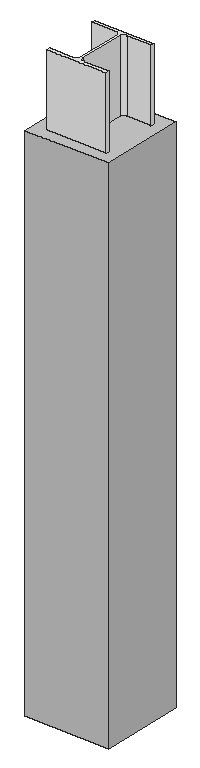
Revit family "SRC-H-와이드 플랜지 복합 단면-기둥", category 구조 기둥, Revit 2026
Family settings
  숨겨진 뷰로 표시 = 다른 부재에 가려진 모서리
  단면 모양 = 정의되지 않음
  모델 동작 재료 = 콘크리트
  항상 형상으로 내보내기 = 아니오
  평면의 보 전환 = 경계 상자에서
  로드될 때 보이드를 사용하여 절단 = 아니오
  기호 표현 = 프로젝트 설정에서
  공유 = 아니오
  평면도에서 미리 절단된 패밀리 표시 = 예
Parameters (values of type "SRC250x250x9")
  Structural Material [instance] = 콘크리트 - 현장타설 콘크리트
  hc [instance] = 350 mm
  bc [instance] = 350 mm
  콘크리트 상단 간격띄우기 [instance] = 300 mm
  콘크리트 회전 [instance] = 0.00°
  기둥 재료 [instance] = 금속 - 스틸 - 345 MPa
  Assembly Code = ""
  A = 0.009 m²
  W = 0.71
  bf = 250 mm
  d = 250 mm
  k = 30 mm
  kr = k - tf  # 16 mm
  tf = 14 mm
  tw = 9 mm
Reference planes
  plane 1 "중심(앞/뒤)": y = 0
  plane 2: z = 0
  plane 3 "중심(왼쪽/오른쪽)": x = 0
  plane 4: x = -125
  plane 5: x = 125
  plane 6: y = 125
  plane 7: y = -125
  plane 8: x = -3.969
  plane 9: x = 3.969
  plane 10: z = 2200
Forms (mm)
  Extrusion 1, solid, material "금속 - 스틸 - 345 MPa" <- "기둥 재료", detail levels medium
    sketch origin (0, 0, 0) x (1, 0, 0) y (0, 1, 0)
      loop
        line (-125, 125) -> (-125, 111) -> (-4.5, 111) -> (-4.5, -111) -> (-125, -111) -> (-125, -125) -> (125, -125) -> (125, -111) -> (4.5, -111) -> (4.5, 111) -> (125, 111) -> (125, 125) -> (-125, 125)
    from 0 to 2500
  Extrusion 2, solid, material "금속 - 스틸 - 345 MPa" <- "기둥 재료", detail levels fine
    sketch origin (0, 0, 0) x (1, 0, 0) y (0, 1, 0)
      loop
        line (-125, 125) -> (-125, 111) -> (-20.5, 111)
        arc (-20.5, 111) -> (-9.186, 106.314) -> (-4.5, 95) r 16
        line (-4.5, 95) -> (-4.5, -95)
        arc (-4.5, -95) -> (-9.186, -106.314) -> (-20.5, -111) r 16
        line (-20.5, -111) -> (-125, -111) -> (-125, -125) -> (125, -125) -> (125, -111) -> (20.5, -111)
        arc (20.5, -111) -> (9.186, -106.314) -> (4.5, -95) r 16
        line (4.5, -95) -> (4.5, 95)
        arc (4.5, 95) -> (9.186, 106.314) -> (20.5, 111) r 16
        line (20.5, 111) -> (125, 111) -> (125, 125) -> (-125, 125)
    from 0 to 2500
  Sweep 3, solid, material "콘크리트 - 현장타설 콘크리트" <- "Structural Material", detail levels medium+fine
    path origin (0, 0, 0) x (1, 0, 0) y (0, 0, 1)
      loop
        line (0, 0) -> (0, 2200)
    profile "M_직사각형 보-프로파일 : M_직사각형 보-프로파일" origin (0, 0, 1100) x (-1, 0, 0) y (0, -1, 0)
      loop
        line (-175, -175) -> (175, -175) -> (175, 175) -> (-175, 175) -> (-175, -175)
Lines and regions (mm)
  symbolic lines, style "StructuralColumnStickSymbols", detail levels coarse
    curve 1: line (-125, 125, 0) -> (125, 125, 0)
    curve 2: line (-125, -125, 0) -> (125, -125, 0)
    curve 3: line (0, 125, 0) -> (0, -125, 0)
    curve 6: line (-175, 175, 0) -> (175, 175, 0)
    curve 7: line (-175, -175, 0) -> (-175, 175, 0)
    curve 8: line (175, -175, 0) -> (-175, -175, 0)
    curve 9: line (175, 175, 0) -> (175, -175, 0)
  symbolic lines, style "숨겨진 면", detail levels medium+fine
    curve 4: line (-3.969, 0, 0) -> (-3.969, 0, 2500)
    curve 5: line (3.969, 0, 2500) -> (3.969, 0, 0)
Dimensions and locks
  equal spacing: plane 4, plane 3 "중심(왼쪽/오른쪽)", plane 5
  equal spacing: plane 7, plane 1 "중심(앞/뒤)", plane 6
  "d": plane 7 to plane 6
  "bf": plane 4 to plane 5
  "tf": plane 7 to Extrusion 1 sketch curve
  "tf": Extrusion 1 sketch curve to plane 6
  equal spacing: Extrusion 1 sketch curve, plane 3 "중심(왼쪽/오른쪽)", Extrusion 1 sketch curve
  "tw": Extrusion 1 sketch curve to Extrusion 1 sketch curve
  "콘크리트 상단 간격띄우기": level to plane 10
  "kr": radius of Extrusion 2 sketch curve  (x4)
  aligned and locked: plane 6 to Extrusion 1 sketch curve
  aligned and locked: Extrusion 1 sketch curve to plane 7
  aligned and locked: Extrusion 1 sketch curve to plane 4  (x2)
  aligned and locked: plane 5 to Extrusion 1 sketch curve  (x2)
  aligned and locked: Extrusion 1 sketch curve to Extrusion 1 sketch curve  (x2)
  aligned and locked: level to Extrusion 1
  aligned and locked: level to plane 2
  aligned and locked: Extrusion 1 to plane 2
  aligned and locked: plane 6 to Extrusion 2 sketch curve
  aligned and locked: plane 5 to Extrusion 2 sketch curve  (x2)
  aligned and locked: Extrusion 2 sketch curve to plane 4  (x2)
  aligned and locked: Extrusion 2 sketch curve to Extrusion 1  (x6)
  aligned and locked: Extrusion 2 sketch curve to plane 7
  aligned and locked: level to Extrusion 2
  aligned and locked: Extrusion 2 to level
  aligned and locked: level to Sweep 3 sketch curve
  aligned and locked: plane 10 to Sweep 3 sketch curve
  aligned and locked: plane 3 "중심(왼쪽/오른쪽)" to Sweep 3 sketch curve
  aligned and locked: curve 6 to Sweep 3
  aligned and locked: curve 7 to Sweep 3
  aligned and locked: curve 8 to Sweep 3
  aligned and locked: curve 9 to Sweep 3
Automatic sketch dimensions
  curve 2 to plane 4 = 0 mm
  curve 1 to plane 4 = 0 mm
  curve 3 to plane 3 "중심(왼쪽/오른쪽)" = 0 mm
  curve 2 to plane 5 = 0 mm
  curve 1 to plane 5 = 0 mm
  curve 3 to plane 7 = 0 mm
  curve 3 to plane 6 = 0 mm
  curve 4 to level = 0 mm  (x2)
  curve 4 to plane 8 = 0 mm
  curve 5 to level = 0 mm  (x2)
  curve 5 to plane 9 = 0 mm
